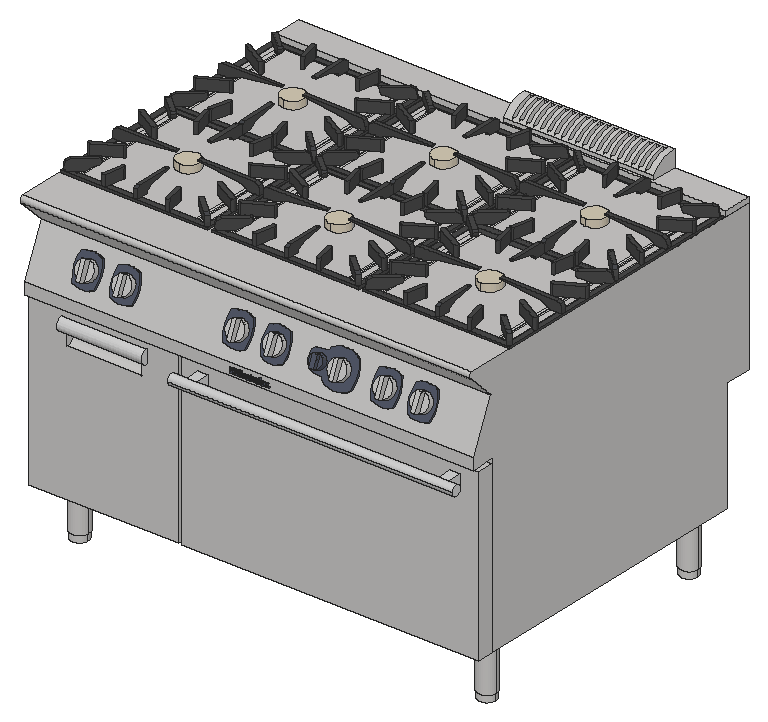
Revit family "QF_ELECTROLUXPROFESSIONAL_391582_E9AANTBFMII", category Attrezzature speciali, Revit 2018 (continued)
Definition of nested family "371009_BURNER"
  Automatic sketch dimensions
    plane 1 "BACK" to curve 105 = 5.275 mm
    curve 107 to curve 105 = 11.182 mm
    curve 105 to curve 105 = 4.872 mm  (x2)
    curve 107 to curve 107 = 1.125 mm
    plane 1 "BACK" to curve 104 = 7.524 mm
    plane 1 "BACK" to curve 109 = 7.524 mm
    curve 62 to curve 109 = 41.179 mm
    curve 109 to curve 109 = 4.872 mm
    plane 1 "BACK" to curve 108 = 5.275 mm
    curve 109 to curve 108 = 4.872 mm
    curve 110 to curve 111 = 11.182 mm
    curve 110 to curve 111 = 4.872 mm
    plane 1 "BACK" to curve 108 = 53.711 mm
    curve 111 to curve 108 = 4.872 mm
    curve 111 to curve 108 = 2.25 mm
    radius of Extrusion 4 sketch curve = 30 mm
Types (2, lengths in mm): name | URL | Modello | Produttore | Gas Size | Descrizione
  (no name) | "www.electrolux.com" | "391013" | "ELECTROLUX" | 0" | "900XP 6 GAS BURNERS 6kW ON GAS OVEN WITH CUPBOARD"
  Standard | "https://www.electroluxprofessional.com/" | "E9AANTBFMII" | "Electrolux Professional" | 1/2" | "6-BURNER GAS RANGE+OVEN+CUPBOARD 1200MM - QMARK"
